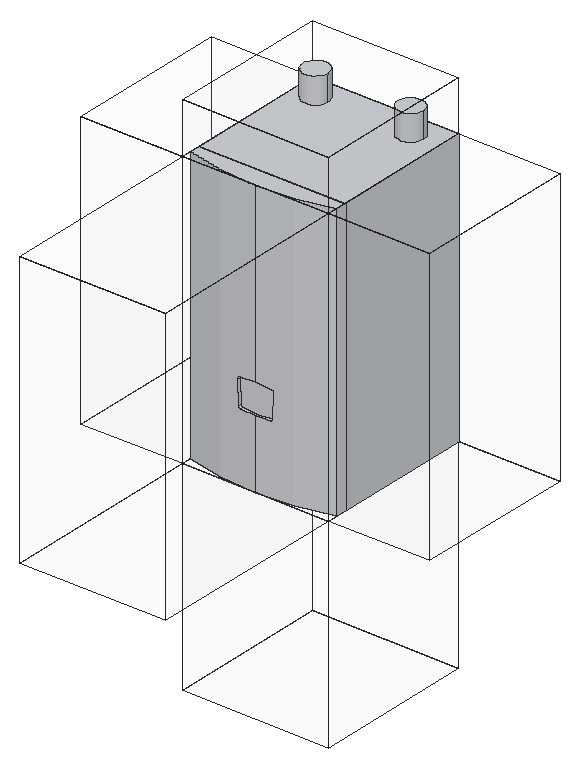
Revit family "Noble Combi NKC110N-199N", category Mechanical Equipment, Revit 2016
Family settings
  Part Type = Normal
  Round Connector Dimension = Use Diameter
  Work Plane-Based = No
  Always vertical = Yes
  Cut with Voids When Loaded = No
  Shared = No
  Room Calculation Point = No
Parameters (values of type "NKC110N")
  Voltage/Heater = "120"
  Voltage/Control = "24"
  VENT SIZE = 3"
  URL = "http://www.lochinvar.com/products/default.aspx?type=productline&lineid=240"
  Total Amps = "2.2"
  Top Clearance = 6"
  SES BIM Studio # = "18 0649 05"
  Right Clearance = 12"
  R Domestic In Offset from Right = 5"
  Q Boiler Water Out Offset from Right = 12 3/4"
  P Condensate Offset from Right = 14 1/2"
  OUTPUT RATE (BTUH) = "102,000"
  O Boiler Water In Offset from Right = 2 3/4"
  N DHW Out Offset from Right = 10 1/2"
  Model = MODEL NO.  # "NKC110N"
  Manufacturer = "Lochinvar"
  MODEL NO. = "NKC110N"
  M Water Offset from Back = 9"
  Left Clearance = 12"
  L Condensate Offset from Back = 2 3/4"
  K Gas Offset from Back = 13 1/2"
  J Gas Offset from Left = 8 3/4"
  INPUT RATE (BTUH) = "110,000"
  I Combustion Air Offset from Right = 3 1/2"
  GAS CONN = 1/2"
  GALLON CAPACITY = "1.4"
  G Combustion Air Offset from Back = 2 3/4"
  Fuel Type = "Natural or LP"
  Front Clearance Depth = 24"
  Front Clearance = 24"
  FUEL TYPE = "NATURAL GAS"
  Electrical Offset from Right = 3 1/2"
  Electrical Offset from Back = 11 3/4"
  E Vent Offset from Back = 2 3/4"
  Description = "Noble Fire Tube Combi"
  DHW Diameter = 3/4"
  D Vent Offset from Right = 14 3/4"
  Condensate Diameter = 3/4"
  Clearance Display = yes
  C_UNIT DEPTH = 18"
  Bottom Clearance = 24"
  B_UNIT WIDTH = 17 1/4"
  BOILER WATER CONN = 1"
  A_UNIT HEIGHT = 32 1/2"
  AIR INLET = 3"
  # of Electrical Connections = "1"
Types (4): name | R Domestic In Offset from Right | Q Boiler Water Out Offset from Right | P Condensate Offset from Right | OUTPUT RATE (BTUH) | O Boiler Water In Offset from Right | N DHW Out Offset from Right | Model | MODEL NO. | M Water Offset from Back | L Condensate Offset from Back | J Gas Offset from Left | INPUT RATE (BTUH) | I Combustion Air Offset from Right | GALLON CAPACITY | G Combustion Air Offset from Back | D Vent Offset from Right | B_UNIT WIDTH
  (no name) | 5" | 12 3/4" | 14 1/2" | "102,000" | 2 3/4" | 10 1/2" | "NKC110N" | "NKC110N" | 9" | 2 3/4" | 8 3/4" | "110,000" | 3 1/2" | "1.4" | 2 3/4" | 14 3/4" | 17 1/4"
  NKC110N | 5" | 12 3/4" | 14 1/2" | "102,000" | 2 3/4" | 10 1/2" | "NKC110N" | "NKC110N" | 9" | 2 3/4" | 8 3/4" | "110,000" | 3 1/2" | "1.4" | 2 3/4" | 14 3/4" | 17 1/4"
  NKC150N | 7 1/4" | 13 3/4" | 6 1/4" | "139,000" | 5" | 11 1/2" | "NKC150N" | "NKC150N" | 9" | 3" | 2 3/4" | "150,000" | 6 1/4" | "2.0" | 11 3/4" | 6 3/4" | 18 3/4"
  NKC199N | 5 1/4" | 13" | 5 1/2" | "185,000" | 2 3/4" | 10 1/2" | "NKC199N" | "NKC199N" | 9 1/2" | 2 3/4" | 2 3/4" | "199,999" | 5 1/2" | "2.7" | 11 1/2" | 5 1/2" | 18 3/4"
Reference planes (in)
  plane 1 "Center (Front/Back)": y = 0
  plane 2: z = 0
  plane 3 "Center (Left/Right)": x = 0
  plane 4 "Unit Right": x = 8.625
  plane 5 "Unit Left": x = -8.625
  plane 6: y = -18
  plane 7: y = -16.75
  plane 8 "Unit Front": y = -19.25
  plane 9 "Unit Top": z = 32.5
  plane 10: y = -2.75
  plane 11: y = -2.75
  plane 12: y = -2.75
  plane 13: y = -9
  plane 14: y = -13.5
  plane 15: y = -11.75
  plane 16: x = -5.875
  plane 17: x = -6.125
  plane 18: x = -4.125
  plane 19: x = -1.875
  plane 20: x = 0.125
  plane 21: x = 5.125
  plane 22: x = 5.875
  plane 23: x = 3.625
  plane 24: x = 5.125
  plane 25 "Top Clearance": z = 38.5
  plane 26 "Bottom Clearance": z = -24
  plane 27 "Front Clearance": y = -43.25
  plane 28 "Left Clearance": x = -20.625
  plane 29 "Right Clearance": x = 20.625
Forms (in)
  Extrusion 1, solid
    sketch origin (0, 0, 0) x (1, 0, 0) y (0, 1, 0)
      loop
        line (-8.625, 0) -> (-8.625, -16.75) -> (8.625, -16.75) -> (8.625, 0) -> (-8.625, 0)
    from 0 to 32.5
  Extrusion 2, solid
    sketch origin (0, 0, 0) x (1, 0, 0) y (0, 1, 0)
      loop
        line (-8.625, -16.75) -> (-8.625, -18)
        arc (-8.625, -18) -> (-4.35755, -18.93586) -> (0, -19.25) r 30.38281
        arc (0, -19.25) -> (4.35755, -18.93586) -> (8.625, -18) r 30.38281
        line (8.625, -18) -> (8.625, -16.75) -> (-8.625, -16.75)
    from 0 to 32.5
  Extrusion 3, void
    sketch origin (0, -19.25, 0) x (-1, 0, 0) y (0, 0, 1)
      loop
        line (0, 11.6875) -> (-1.89423, 11.55504)
        arc (-1.89423, 11.55504) -> (-2.06258, 11.47293) -> (-2.12664, 11.29693) r 0.25
        line (-2.12664, 11.29693) -> (-2.02857, 8.48853)
        arc (-2.02857, 8.48853) -> (-1.95912, 8.32418) -> (-1.79778, 8.24798) r 0.25
        line (-1.79778, 8.24798) -> (0, 8.11049) -> (1.79778, 8.24798)
        arc (1.79778, 8.24798) -> (1.95912, 8.32418) -> (2.02857, 8.48853) r 0.25
        line (2.02857, 8.48853) -> (2.12664, 11.29693)
        arc (2.12664, 11.29693) -> (2.06258, 11.47293) -> (1.89423, 11.55504) r 0.25
        line (1.89423, 11.55504) -> (0, 11.6875)
    from 0 to 0.375
  Extrusion 4, solid
    sketch origin (0, 0, 32.5) x (1, 0, 0) y (0, 1, 0)
      loop
        circle (-6.125, -2.75) r 1.5
      loop
        circle (5.125, -2.75) r 1.5
    from 0 to 3
  Extrusion 5, solid
    sketch origin (0, 0, 0) x (0, 1, 0) y (1, 0, 0)
      loop
        circle (-9, -4.125) r 0.5
      loop
        circle (-9, -1.875) r 0.375
      loop
        circle (-9, 3.625) r 0.375
      loop
        circle (-9, 5.875) r 0.5
    from 0 to 1
  Extrusion 6, solid
    sketch origin (-0.28051, 1.49603, 0) x (0, 1, 0) y (1, 0, 0)
      loop
        circle (-4.24603, -5.59449) r 0.375
    from 0 to 3
  Extrusion 7, solid
    sketch origin (0, 0, 0) x (0, 1, 0) y (1, 0, 0)
      loop
        circle (-13.5, 0.125) r 0.25
    from 0 to 1
  Extrusion 8, solid
    sketch origin (0, 0, 0) x (0, 1, 0) y (1, 0, 0)
      loop
        circle (-11.75, 5.125) r 0.25
    from 0 to 0.25
  Extrusion 9, solid, material "Clearance", visible <- "Clearance Display"
    sketch origin (0, 0, 32.5) x (0, -1, 0) y (1, 0, 0)
      loop
        line (0, -8.625) -> (19.25, -8.625) -> (19.25, 8.625) -> (0, 8.625) -> (0, -8.625)
    from 0 to 6
  Extrusion 10, solid, material "Clearance", visible <- "Clearance Display"
    sketch origin (0, 0, 0) x (1, 0, 0) y (0, 1, 0)
      loop
        line (-8.625, -19.25) -> (-8.625, -43.25) -> (8.625, -43.25) -> (8.625, -19.25) -> (-8.625, -19.25)
    from 0 to 32.5
  Extrusion 11, solid, material "Clearance", visible <- "Clearance Display"
    sketch origin (0, 0, 0) x (1, 0, 0) y (0, 1, 0)
      loop
        line (-20.625, 0) -> (-20.625, -19.25) -> (-8.625, -19.25) -> (-8.625, 0) -> (-20.625, 0)
    from 0 to 32.5
  Extrusion 12, solid, material "Clearance", visible <- "Clearance Display"
    sketch origin (0, 0, 0) x (1, 0, 0) y (0, 1, 0)
      loop
        line (8.625, 0) -> (8.625, -19.25) -> (20.625, -19.25) -> (20.625, 0) -> (8.625, 0)
    from 0 to 32.5
  Extrusion 13, solid, material "Clearance", visible <- "Clearance Display"
    sketch origin (0, 0, 0) x (0, 1, 0) y (1, 0, 0)
      loop
        line (0, -8.625) -> (0, 8.625) -> (-19.25, 8.625) -> (-19.25, -8.625) -> (0, -8.625)
    from 0 to 24
Cuts and joins
  Extrusion 3 cuts Extrusion 1
  Extrusion 3 cuts Extrusion 2
Dimensions and locks (in)
  equal spacing: plane 5 "Unit Left", plane 3 "Center (Left/Right)", plane 4 "Unit Right"
  "B_UNIT WIDTH": plane 5 "Unit Left" to plane 4 "Unit Right"
  "A_UNIT HEIGHT": plane 9 "Unit Top" to plane 2
  "C_UNIT DEPTH": plane 1 "Center (Front/Back)" to plane 6
  locked: plane 6 to plane 8 "Unit Front" at 1.25
  locked: plane 7 to plane 6 at 1.25
  "P Condensate Offset from Right": plane 16 to plane 4 "Unit Right"
  "D Vent Offset from Right": plane 17 to plane 4 "Unit Right"
  "I Combustion Air Offset from Right": plane 24 to plane 4 "Unit Right"
  "K Gas Offset from Back": plane 1 "Center (Front/Back)" to plane 14
  "Electrical Offset from Back": plane 1 "Center (Front/Back)" to plane 15
  "M Water Offset from Back": plane 1 "Center (Front/Back)" to plane 13
  "E Vent Offset from Back": plane 11 to plane 1 "Center (Front/Back)"
  "G Combustion Air Offset from Back": plane 1 "Center (Front/Back)" to plane 12
  "L Condensate Offset from Back": plane 1 "Center (Front/Back)" to plane 10
  "J Gas Offset from Left": plane 5 "Unit Left" to plane 20
  "O Boiler Water In Offset from Right": plane 22 to plane 4 "Unit Right"
  "Electrical Offset from Right": plane 21 to plane 4 "Unit Right"
  "R Domestic In Offset from Right": plane 23 to plane 4 "Unit Right"
  "N DHW Out Offset from Right": plane 19 to plane 4 "Unit Right"
  "Q Boiler Water Out Offset from Right": plane 18 to plane 4 "Unit Right"
  "Left Clearance": plane 28 "Left Clearance" to plane 5 "Unit Left"
  "Right Clearance": plane 4 "Unit Right" to plane 29 "Right Clearance"
  "Front Clearance": plane 8 "Unit Front" to plane 27 "Front Clearance"
  "Top Clearance": plane 25 "Top Clearance" to plane 9 "Unit Top"
  "Bottom Clearance": plane 2 to plane 26 "Bottom Clearance"
  "VENT SIZE": diameter of Extrusion 4 sketch curve
  "AIR INLET": diameter of Extrusion 4 sketch curve
  "GAS CONN": diameter of Extrusion 7 sketch curve
  "Condensate Diameter": diameter of Extrusion 6 sketch curve
  "BOILER WATER CONN": diameter of Extrusion 5 sketch curve  (x2)
  "DHW Diameter": diameter of Extrusion 5 sketch curve  (x2)
  aligned and locked: plane 2 to level
  aligned and locked: Extrusion 1 to plane 7
  aligned and locked: plane 5 "Unit Left" to Extrusion 1
  aligned and locked: Extrusion 1 to plane 1 "Center (Front/Back)"
  aligned and locked: Extrusion 1 to plane 4 "Unit Right"
  aligned and locked: Extrusion 1 to plane 9 "Unit Top"
  aligned and locked: Extrusion 2 sketch curve to plane 7
  aligned and locked: plane 5 "Unit Left" to Extrusion 2 sketch curve
  aligned and locked: plane 4 "Unit Right" to Extrusion 2 sketch curve
  aligned and locked: plane 8 "Unit Front" to Extrusion 2 sketch curve
  aligned and locked: Extrusion 2 to Extrusion 1
  aligned and locked: plane 11 to Extrusion 4 sketch curve
  aligned and locked: plane 17 to Extrusion 4 sketch curve
  aligned and locked: plane 12 to Extrusion 4 sketch curve
  aligned and locked: plane 24 to Extrusion 4 sketch curve
  aligned and locked: plane 10 to Extrusion 6 sketch curve
  aligned and locked: plane 16 to Extrusion 6 sketch curve
  aligned and locked: plane 20 to Extrusion 7 sketch curve
  aligned and locked: plane 14 to Extrusion 7 sketch curve
  aligned and locked: plane 15 to Extrusion 8 sketch curve
  aligned and locked: plane 21 to Extrusion 8 sketch curve
  aligned and locked: plane 13 to Extrusion 5 sketch curve  (x4)
  aligned and locked: plane 18 to Extrusion 5 sketch curve
  aligned and locked: plane 19 to Extrusion 5 sketch curve
  aligned and locked: plane 23 to Extrusion 5 sketch curve
  aligned and locked: plane 22 to Extrusion 5 sketch curve
  aligned and locked: Extrusion 9 sketch curve to cut or joined group of Extrusion 1, Extrusion 3  (x2)
  aligned and locked: Extrusion 9 sketch curve to plane 8 "Unit Front"
  aligned and locked: Extrusion 9 sketch curve to plane 4 "Unit Right"
  aligned and locked: Extrusion 9 to plane 25 "Top Clearance"
  aligned and locked: Extrusion 10 sketch curve to Extrusion 9  (x2)
  aligned and locked: plane 27 "Front Clearance" to Extrusion 10 sketch curve
  aligned and locked: plane 4 "Unit Right" to Extrusion 10 sketch curve
  aligned and locked: Extrusion 10 to plane 9 "Unit Top"
  aligned and locked: plane 1 "Center (Front/Back)" to Extrusion 11 sketch curve
  aligned and locked: Extrusion 11 sketch curve to plane 28 "Left Clearance"
  aligned and locked: Extrusion 11 sketch curve to Extrusion 9
  aligned and locked: Extrusion 11 sketch curve to Extrusion 10
  aligned and locked: Extrusion 12 sketch curve to cut or joined group of Extrusion 1, Extrusion 3
  aligned and locked: Extrusion 12 sketch curve to Extrusion 9
  aligned and locked: plane 8 "Unit Front" to Extrusion 12 sketch curve
  aligned and locked: plane 29 "Right Clearance" to Extrusion 12 sketch curve
  aligned and locked: Extrusion 11 to plane 9 "Unit Top"
  aligned and locked: Extrusion 12 to plane 9 "Unit Top"
  aligned and locked: Extrusion 13 sketch curve to cut or joined group of Extrusion 1, Extrusion 3
  aligned and locked: Extrusion 13 sketch curve to Extrusion 9  (x2)
  aligned and locked: Extrusion 13 sketch curve to Extrusion 10
  aligned and locked: plane 26 "Bottom Clearance" to Extrusion 13
Automatic sketch dimensions
  Extrusion 1 sketch curve to plane 5 "Unit Left" = 0"
  Extrusion 1 sketch curve to plane 4 "Unit Right" = 0"
  Extrusion 1 sketch curve to plane 7 = 0"
  plane 1 "Center (Front/Back)" to Extrusion 1 sketch curve = 0"
  Extrusion 2 sketch curve to plane 3 "Center (Left/Right)" = 0"
  Extrusion 2 sketch curve to plane 6 = 0"  (x2)
  Extrusion 2 sketch curve to plane 3 "Center (Left/Right)" = 0.00023"
  plane 3 "Center (Left/Right)" to Extrusion 2 sketch curve = 0.00023"
  Extrusion 3 sketch curve to plane 3 "Center (Left/Right)" = 0"  (x2)
  plane 3 "Center (Left/Right)" to Extrusion 3 sketch curve = 1.77872"
  Extrusion 3 sketch curve to Extrusion 3 sketch curve = 0.01906"  (x2)
  plane 3 "Center (Left/Right)" to Extrusion 3 sketch curve = 1.87679"
  Extrusion 3 sketch curve to Extrusion 3 sketch curve = 0.01744"  (x2)
  Extrusion 3 sketch curve to Extrusion 3 sketch curve = 0.24985"  (x3)
  Extrusion 3 sketch curve to plane 3 "Center (Left/Right)" = 1.77872"
  Extrusion 3 sketch curve to plane 3 "Center (Left/Right)" = 1.87679"
  level to Extrusion 3 sketch curve = 8.11049"
  Extrusion 3 sketch curve to Extrusion 3 sketch curve = 0.13749"  (x2)
  Extrusion 3 sketch curve to Extrusion 3 sketch curve = 0.24055"  (x2)
  Extrusion 3 sketch curve to Extrusion 3 sketch curve = 0.00872"  (x3)
  Extrusion 3 sketch curve to Extrusion 3 sketch curve = 2.80839"  (x2)
  Extrusion 3 sketch curve to Extrusion 3 sketch curve = 0.13246"
  radius of Extrusion 8 sketch curve = 1/4"
Connectors (in)
  hvac at (5.125, -2.75, 35.5), driven by "AIR INLET"
    settings: on Extrusion 4, index 1, duct flow 0 CFM, flow factor 0, pres drop 0.00 in-wg, loss coef 0, conn angle 0.00°, conn width 12", conn height 12", conn diameter 3", duct sys type 1, conn prof type 0, flow config 0, flow direction 1, loss method 0, conn ref index -1, conn util no, is conn primary yes, conn desc "Air Inlet Connection"
  hvac at (-6.125, -2.75, 35.5), driven by "VENT SIZE"
    settings: on Extrusion 4, index 2, duct flow 0 CFM, flow factor 0, pres drop 0.00 in-wg, loss coef 0, conn angle 0.00°, conn width 12", conn height 12", conn diameter 3", duct sys type 3, conn prof type 0, flow config 0, flow direction 2, loss method 0, conn ref index -1, conn util no, is conn primary no, conn desc "Vent Connection"
  piping at (-5.875, -2.75, -3), diameter 0.75, driven by "Condensate Diameter"
    settings: on Extrusion 6, index 3, connector inside diameter 24", connector length 0", flow factor 0, pipe flow 0 GPM, pressure drop 0.00 psi, fitting loss kfactor 0, connector angle 0.00°, fixture units 0, engagement length 0", angle of deflection 0.00°, flow configuration 0, flow direction 2, fitting loss method 0, system type 16, joint type 0, gender type 0, connector reference index -1, connector utility 0, adjustable connector no, is connector primary yes, connector description "Condensate Connection"
  piping at (-4.125, -9, -1), diameter 1, driven by "BOILER WATER CONN"
    settings: on Extrusion 5, index 4, connector inside diameter 24", connector length 0", flow factor 0, pipe flow 0 GPM, pressure drop 0.00 psi, fitting loss kfactor 0, connector angle 0.00°, fixture units 0, engagement length 0", angle of deflection 0.00°, flow configuration 0, flow direction 2, fitting loss method 0, system type 7, joint type 0, gender type 0, connector reference index -1, connector utility 0, adjustable connector no, is connector primary no, connector description "Boiler Water Outlet"
  piping at (-1.875, -9, -1), diameter 0.75, driven by "DHW Diameter"
    settings: on Extrusion 5, index 5, connector inside diameter 24", connector length 0", flow factor 0, pipe flow 0 GPM, pressure drop 0.00 psi, fitting loss kfactor 0, connector angle 0.00°, fixture units 0, engagement length 0", angle of deflection 0.00°, flow configuration 0, flow direction 2, fitting loss method 0, system type 19, joint type 0, gender type 0, connector reference index -1, connector utility 0, adjustable connector no, is connector primary no, connector description "DHW Outlet"
  piping at (3.625, -9, -1), diameter 0.75, driven by "DHW Diameter"
    settings: on Extrusion 5, index 6, connector inside diameter 24", connector length 0", flow factor 0, pipe flow 0 GPM, pressure drop 0.00 psi, fitting loss kfactor 0, connector angle 0.00°, fixture units 0, engagement length 0", angle of deflection 0.00°, flow configuration 0, flow direction 1, fitting loss method 0, system type 29, joint type 0, gender type 0, connector reference index -1, connector utility 0, adjustable connector no, is connector primary no, connector description "DHW Inlet"
  piping at (5.875, -9, -1), diameter 1, driven by "BOILER WATER CONN"
    settings: on Extrusion 5, index 7, connector inside diameter 24", connector length 0", flow factor 0, pipe flow 0 GPM, pressure drop 0.00 psi, fitting loss kfactor 0, connector angle 0.00°, fixture units 0, engagement length 0", angle of deflection 0.00°, flow configuration 0, flow direction 1, fitting loss method 0, system type 8, joint type 0, gender type 0, connector reference index -1, connector utility 0, adjustable connector no, is connector primary no, connector description "Bolier Water Inlet"
  piping at (0.125, -13.5, -1), diameter 0.5, driven by "GAS CONN"
    settings: on Extrusion 7, index 8, connector inside diameter 24", connector length 0", flow factor 0, pipe flow 0 GPM, pressure drop 0.00 psi, fitting loss kfactor 0, connector angle 0.00°, fixture units 0, engagement length 0", angle of deflection 0.00°, flow configuration 0, flow direction 1, fitting loss method 0, system type 22, joint type 0, gender type 0, connector reference index -1, connector utility 0, adjustable connector no, is connector primary no, connector description "Gas Connection"
  electrical at (5.125, -11.75, -0.25)
    settings: on Extrusion 8, index 9, voltage 0 V, apparent load 0 VA, apparent load phase1 0 VA, apparent load phase2 0 VA, apparent load phase3 0 VA, power factor 1, load classification "Other", number of poles 1, system type 31, power factor state 1, is connector primary yes, connector utility no, sub classification motor no, connector description "Power Connection"
